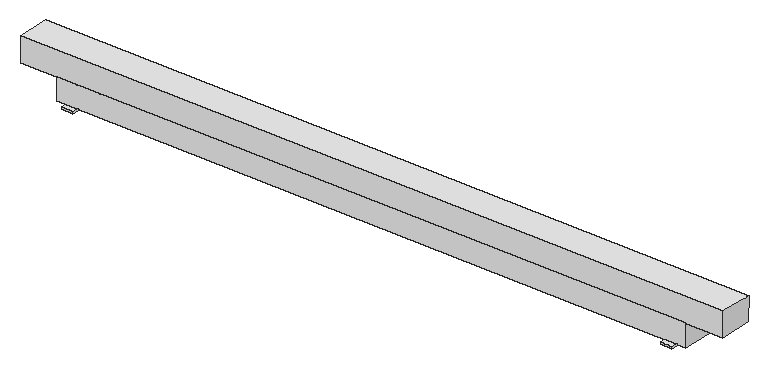
Revit family "Lighting-Linear-Acclaim-Pixel Graze", category Lighting Fixtures, host Face, Revit 2015
Parameters (values of type "D")
  Width = 0' - 2 51/256"
  Wattage = 9.2903 W
  built-in parameter 1150110 = 1 (stored number, unit not read)
  Voltage = 0 V
  URL = "http://www.acclaimlighting.com/"
  built-in parameter 1114217 = 1 (stored number, unit not read)
  Tilt Angle = -90.00°
  built-in parameter 1150109 = 1 (stored number, unit not read)
  built-in parameter 1150134 = 3
  built-in parameter 1150113 = 1 (stored number, unit not read)
  Power Factor = 1
  Photometric Web File = "generic"
  Number of Poles = 1
  built-in parameter 1150142 = (empty or 0)
  Model = "Pixel Graze"
  Manufacturer = "Acclaim Lighting"
  built-in parameter 1150105 = 109.82 (stored number, unit not read)
  Lumens = 1380 lm
  built-in parameter 1150115 = 1 (stored number, unit not read)
  built-in parameter 1150137 = (empty or 0)
  built-in parameter 1150139 = (empty or 0)
  Length = 4' - 0"
  built-in parameter 1150112 = 1 (stored number, unit not read)
  built-in parameter 1150114 = 1 (stored number, unit not read)
  Lamp = "LED"
  built-in parameter 1150132 = (empty or 0)
  built-in parameter 1150102 = (empty or 0)
  built-in parameter 1150107 = 3200 (stored number, unit not read)
  built-in parameter 1150138 = (empty or 0)
  built-in parameter 1150106 = 1.0982 (stored number, unit not read)
  Housing Finish = Aluminum
  Emit from Line Length = Length  # 4' - 0"
  built-in parameter 1150104 = 13.8 (stored number, unit not read)
  Dimming Lamp Color Temperature Shift = <None>
  Description = "Linear Graze Fixture"
  Default Elevation = 4' - 0"
  Color Filter = 16777215
  built-in parameter 1114218 = 1 (stored number, unit not read)
  built-in parameter 1150133 = 10 (stored number, unit not read)
  Apparent Load = 0 VA
Types (3): name | Width | Length | Emit from Line Length | Description
  (no name) | 0' - 2 51/256" | 4' - 0" | 4' - 0" | "Linear Graze Fixture"
  A | 0' - 2 1/2" | 1' - 0" | 1' - 0" | "Linear Graze Lighting"
  D | 0' - 2 51/256" | 4' - 0" | 4' - 0" | "Linear Graze Fixture"
Reference planes (in)
  plane 1 "Center (Front/Back)": y = 0
  plane 2: z = 0
  plane 3 "Center (Left/Right)": x = 0
  plane 4: x = -24
  plane 5: x = 24
  plane 6: x = -2.86874
  plane 7: x = -2.08749
  plane 8: x = 2.06876
  plane 9: x = 2.85001
  plane 10: z = 3.23
  plane 11: y = 1.09961
  plane 12: y = -1.09961
Forms (in)
  Extrusion 1, solid, material "Aluminum" <- "Housing Finish"
    sketch origin (0, 0, 0) x (0, 1, 0) y (0, 0, 1)
      loop
        line (0, 1.6092) -> (-1.09961, 1.6092) -> (-1.09961, 0.13395) -> (0, 0.13395) -> (1.09961, 0.13395) -> (1.09961, 1.6092) -> (0, 1.6092)
    from -21.5 to 21.49098
  Extrusion 2, solid, material "Aluminum" <- "Housing Finish"
    sketch origin (0, 0, 0.59375) x (0, 1, 0) y (0, 0, 1)
      loop
        line (-1.09961, 1.01545) -> (1.09961, 1.01545) -> (1.09961, 2.63625) -> (-1.09961, 2.63625) -> (-1.09961, 1.01545)
    from -24 to 24
  Extrusion 3, solid, material "Aluminum" <- "Housing Finish"
    sketch origin (0, 0, 0) x (0, 1, 0) y (0, 0, 1)
      loop
        line (-1.47265, 0.13395) -> (-1.47265, 0) -> (0, 0) -> (1.47265, 0) -> (1.47265, 0.13395) -> (0.38044, 0.13395)
        arc (0.38044, 0.13395) -> (0.27083, 0.24318) -> (0.23069, 0.39262) r 0.29828
        arc (0.23069, 0.39262) -> (0.16313, 0.55574) -> (0, 0.62331) r 0.23069
        arc (0, 0.62331) -> (-0.16313, 0.55574) -> (-0.23069, 0.39262) r 0.23069
        arc (-0.23069, 0.39262) -> (-0.27083, 0.24318) -> (-0.38044, 0.13395) r 0.29828
        line (-0.38044, 0.13395) -> (-1.47265, 0.13395)
    from -20.86874 to -20.08749
  Extrusion 4, solid, material "Aluminum" <- "Housing Finish"
    sketch origin (0, 0, 0) x (0, 1, 0) y (0, 0, 1)
      loop
        line (-1.47265, 0.13395) -> (-1.47265, 0) -> (0, 0) -> (1.47265, 0) -> (1.47265, 0.13395) -> (0.38044, 0.13395)
        arc (0.38044, 0.13395) -> (0.27083, 0.24318) -> (0.23069, 0.39262) r 0.29828
        arc (0.23069, 0.39262) -> (0.16313, 0.55574) -> (0, 0.62331) r 0.23069
        arc (0, 0.62331) -> (-0.16313, 0.55574) -> (-0.23069, 0.39262) r 0.23069
        arc (-0.23069, 0.39262) -> (-0.27083, 0.24318) -> (-0.38044, 0.13395) r 0.29828
        line (-0.38044, 0.13395) -> (-1.47265, 0.13395)
    from 20.06876 to 20.85001
  Extrusion 5, solid, material "Aluminum" <- "Housing Finish"
    sketch origin (0, 0, 0) x (0, 1, 0) y (0, 0, 1)
      loop
        circle (0, 0.37331) r 0.25
    from -20.86874 to -20.08749
  Extrusion 6, solid, material "Aluminum" <- "Housing Finish"
    sketch origin (0, -0.00075, 0) x (0, 1, 0) y (0, 0, 1)
      loop
        circle (0, 0.37331) r 0.25
    from 20.06876 to 20.85001
Dimensions and locks (in)
  equal spacing: plane 4, plane 3 "Center (Left/Right)", plane 5
  plane 4 to plane 5 = 4' - 0"
  equal spacing: plane 5, plane 3 "Center (Left/Right)", plane 4
  "Length": plane 5 to plane 4
  locked: plane 4 to Extrusion 1 at 2.5
  locked: plane 5 to Extrusion 1 at 2.50902
  Extrusion 1 to Extrusion 3 to Extrusion 3 = 0' - 0.63126" locked, 0' - 0 25/32" locked
  locked: Extrusion 4 to Extrusion 4 at 0.78125
  locked: Extrusion 4 to Extrusion 1 at 0.64098
  equal spacing: plane 11, plane 1 "Center (Front/Back)", plane 12
  "Width": plane 11 to plane 12
  aligned and locked: plane 2 to host face
  aligned and locked: level to host face
  aligned and locked: Extrusion 2 to plane 4
  aligned and locked: plane 5 to Extrusion 2
  aligned and locked: Extrusion 3 to Extrusion 5  (x2)
  aligned and locked: Extrusion 4 to Extrusion 6  (x2)
  aligned and locked: Extrusion 1 sketch curve to plane 12
  aligned and locked: Extrusion 1 sketch curve to plane 11
  aligned and locked: Extrusion 2 to Extrusion 1
Automatic sketch dimensions
  host sketch curve to host sketch curve = 8' - 0"  (x2)
  Extrusion 5 sketch curve to plane 1 "Center (Front/Back)" = 0' - 0"
  level to Extrusion 5 sketch curve = 0' - 0.37331"
  level to Extrusion 6 sketch curve = 0' - 0.37331"
  plane 1 "Center (Front/Back)" to Extrusion 6 sketch curve = 0' - 0.00075"
  Extrusion 3 sketch curve to Extrusion 3 sketch curve = 0' - 0"  (x3)
  Extrusion 3 sketch curve to level = 0' - 0"
  Extrusion 3 sketch curve to plane 1 "Center (Front/Back)" = 0' - 0"  (x2)
  level to Extrusion 3 sketch curve = 0' - 0.13395"  (x2)
  plane 1 "Center (Front/Back)" to Extrusion 3 sketch curve = 0' - 0.38044"
  Extrusion 3 sketch curve to Extrusion 3 sketch curve = 0' - 0.14854"  (x2)
  Extrusion 3 sketch curve to Extrusion 3 sketch curve = 0' - 0.94368"  (x2)
  Extrusion 3 sketch curve to plane 1 "Center (Front/Back)" = 0' - 0.38044"
  Extrusion 3 sketch curve to Extrusion 3 sketch curve = 0' - 0.25866"
  Extrusion 4 sketch curve to Extrusion 4 sketch curve = 0' - 0"  (x3)
  Extrusion 4 sketch curve to level = 0' - 0"
  Extrusion 4 sketch curve to plane 1 "Center (Front/Back)" = 0' - 0"  (x2)
  level to Extrusion 4 sketch curve = 0' - 0.13395"  (x2)
  plane 1 "Center (Front/Back)" to Extrusion 4 sketch curve = 0' - 0.38044"
  Extrusion 4 sketch curve to Extrusion 4 sketch curve = 0' - 0.14854"  (x2)
  Extrusion 4 sketch curve to Extrusion 4 sketch curve = 0' - 0.94368"  (x2)
  Extrusion 4 sketch curve to plane 1 "Center (Front/Back)" = 0' - 0.38044"
  Extrusion 4 sketch curve to Extrusion 4 sketch curve = 0' - 0.25866"
  Extrusion 1 sketch curve to plane 1 "Center (Front/Back)" = 0' - 0"  (x2)
  level to Extrusion 1 sketch curve = 0' - 0.13395"
  Extrusion 1 sketch curve to plane 10 = 0' - 1.6208"
  Extrusion 2 sketch curve to plane 10 = 0' - 0"
  Extrusion 2 sketch curve to plane 1 "Center (Front/Back)" = 0' - 1.09961"
  Extrusion 2 sketch curve to plane 10 = 0' - 1.6208"
  plane 1 "Center (Front/Back)" to Extrusion 2 sketch curve = 0' - 1.09961"
  radius of Extrusion 5 sketch curve = 0' - 0 1/4"
  radius of Extrusion 6 sketch curve = 0' - 0 1/4"
Connectors (in)
  electrical at (21.49098, 0, 0.87157), driven by "Number of Poles", driven by "Voltage", driven by "Apparent Load", driven by "Power Factor"
    settings: on Extrusion 1, index 1, voltage 0 V, apparent load 0 VA, apparent load phase1 0 VA, apparent load phase2 0 VA, apparent load phase3 0 VA, power factor 1, load classification "Other", number of poles 1, system type 31, power factor state 1, is connector primary yes, connector utility no, sub classification motor no, connector description "Power"
